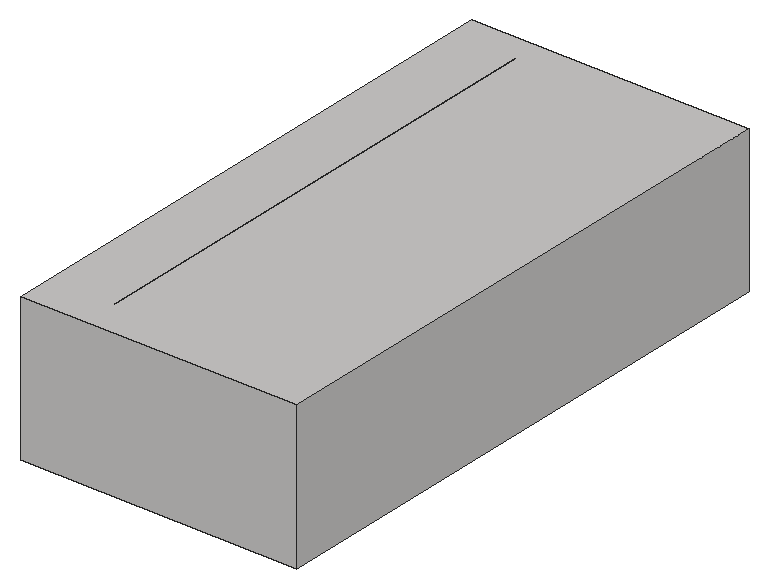
Revit family "Waste_Receptacle-Bobrick-Fino-B-9279", category Specialty Equipment, host Face, Revit 2018
Family settings
  Host = Face
  Round Connector Dimension = Use Diameter
  Part Type = Normal
  OmniClass Number = 23.40.20.21
  OmniClass Title = Toilet and Bath Specialties
  Cut with Voids When Loaded = No
  Shared = Yes
  Room Calculation Point = No
Parameters (values of type "B-9279")
  Width = 5 217/256"
  Waste Container Material = Plastic-Bobrick-Molded
  Waste Container Capacity = "22.6 L (6-gal.)"
  URL = "https://www.bobrick.com/"
  Type Comments = ""
  Receptacle Material = Stainless_Steel-Bobrick-Type_304-Satin_Finish
  Price = "Prices may vary. Please consult Manufacturer Representative for most up-to-date price list."  # constant formula
  Mounting Height Off Floor = 30"
  Model = "B-9279"
  Manufacturer = "Bobrick"
  Length = 11 11/16"
  Installation Type = "Wall Mounted"
  Height = 23 7/8"
  Description = "Fino Collection Surface Mounted Waste Receptacle"
  Default Elevation = 0"
  Creation Date = "05/19/2021"  # constant formula
  Assembly Code = "C1030200"
  ADA Compliant = yes
Reference planes (in)
  plane 1 "Center (Front/Back)": y = 0
  plane 2: z = 0
  plane 3 "Center (Left/Right)": x = 0
  plane 4: z = 6.1875
  plane 5: z = -0.25
  plane 6: x = -5.84375
  plane 7: x = 5.84375
  plane 8: y = 30
  plane 9: y = 6.125
  plane 10: y = 0
  plane 11: x = -4.4375
  plane 12: x = 4.4375
  plane 13: y = 25.78125
  plane 14: y = 10.03125
Forms (in)
  Extrusion 1, solid, material "Stainless_Steel-Bobrick-Type_304-Satin_Finish" <- "Receptacle Material"
    sketch origin (0, 0, 0) x (1, 0, 0) y (0, 1, 0)
      loop
        circle (-4.4375, 10.03125) r 0.1
      loop
        circle (4.4375, 10.03125) r 0.1
      loop
        circle (-4.4375, 25.78125) r 0.1
      loop
        circle (4.4375, 25.78125) r 0.1
    from -0.25 to 0
  Extrusion 2, solid, material "Stainless_Steel-Bobrick-Type_304-Satin_Finish" <- "Receptacle Material"
    sketch origin (23.96867, 25.64042, 0) x (1, 0, 0) y (0, 0, -1)
      loop
        line (-18.12492, -6.1875) -> (-18.12492, 0) -> (-29.81242, 0) -> (-29.81242, -6.1875) -> (-18.12492, -6.1875)
      loop
        line (-18.37492, -5.9375) -> (-18.37492, -0.25) -> (-29.56242, -0.25) -> (-29.56242, -5.9375) -> (-18.37492, -5.9375)
    from -19.51542 to 4.35958
  Extrusion 3, solid, material "Stainless_Steel-Bobrick-Type_304-Satin_Finish" <- "Receptacle Material"
    sketch origin (0, 18.0625, 0) x (1, 0, 0) y (0, 1, 0)
      loop
        line (-5.84375, -11.9375) -> (5.84375, -11.9375) -> (5.84375, -11.6875) -> (-5.84375, -11.6875) -> (-5.84375, -11.9375)
    from 0 to 6.1875
  Extrusion 4, solid, material "Plastic-Bobrick-Molded" <- "Waste Container Material"
    sketch origin (-32.93135, 30, 11.69141) x (0, 0, 1) y (1, 0, 0)
      loop
        line (-10.90952, 38.00485) -> (-10.90952, 37.33666)
        arc (-10.90952, 37.33666) -> (-10.97965, 37.12525) -> (-11.16123, 36.99654) r 0.35586
        arc (-11.16123, 36.99654) -> (-11.32624, 36.85495) -> (-11.38783, 36.64643) r 0.38376
        line (-11.38783, 36.64643) -> (-11.38783, 27.90308)
        arc (-11.38783, 27.90308) -> (-11.22908, 27.51982) -> (-10.84582, 27.36106) r 0.54201
        line (-10.84582, 27.36106) -> (-6.79082, 27.36106)
        arc (-6.79082, 27.36106) -> (-6.47459, 27.49205) -> (-6.34361, 27.80827) r 0.44721
        line (-6.34361, 27.80827) -> (-6.34361, 28.69349)
        arc (-6.34361, 28.69349) -> (-6.29709, 28.80808) -> (-6.19699, 28.88072) r 0.22479
        arc (-6.19699, 28.88072) -> (-5.89639, 29.11138) -> (-5.78245, 29.47274) r 0.63001
        line (-5.78245, 29.47274) -> (-5.78245, 38.00703)
        arc (-5.78245, 38.00703) -> (-5.91128, 38.33314) -> (-6.2282, 38.48316) r 0.47716
        line (-6.2282, 38.48316) -> (-10.43121, 38.48316)
        arc (-10.43121, 38.48316) -> (-10.76943, 38.34307) -> (-10.90952, 38.00485) r 0.47831
      loop
        line (-10.82926, 38.02364) -> (-10.82926, 37.33233)
        arc (-10.82926, 37.33233) -> (-10.91306, 37.07146) -> (-11.13311, 36.9082) r 0.44794
        arc (-11.13311, 36.9082) -> (-11.24997, 36.80236) -> (-11.29328, 36.65076) r 0.28697
        line (-11.29328, 36.65076) -> (-11.29328, 27.88015)
        arc (-11.29328, 27.88015) -> (-11.17099, 27.58492) -> (-10.87576, 27.46263) r 0.41753
        line (-10.87576, 27.46263) -> (-6.79082, 27.46263)
        arc (-6.79082, 27.46263) -> (-6.54641, 27.56386) -> (-6.44517, 27.80827) r 0.34564
        line (-6.44517, 27.80827) -> (-6.44517, 28.69842)
        arc (-6.44517, 28.69842) -> (-6.37887, 28.86835) -> (-6.23172, 28.97616) r 0.32635
        arc (-6.23172, 28.97616) -> (-5.97958, 29.16964) -> (-5.88401, 29.47274) r 0.52845
        line (-5.88401, 29.47274) -> (-5.88401, 38.00703)
        arc (-5.88401, 38.00703) -> (-5.99402, 38.27262) -> (-6.25961, 38.38263) r 0.3756
        line (-6.25961, 38.38263) -> (-10.47027, 38.38263)
        arc (-10.47027, 38.38263) -> (-10.72412, 38.27748) -> (-10.82926, 38.02364) r 0.35899
    from -23.625 to 0
  Extrusion 5, solid, material "Plastic-Bobrick-Molded" <- "Waste Container Material"
    sketch origin (23.96867, 30, 0) x (1, 0, 0) y (0, 0, -1)
      loop
        arc (-18.89299, -5.80739) -> (-18.6274, -5.69738) -> (-18.51739, -5.4318) r 0.3756
        line (-18.51739, -5.4318) -> (-18.51739, -1.22113)
        arc (-18.51739, -1.22113) -> (-18.62254, -0.96729) -> (-18.87639, -0.86214) r 0.35899
        line (-18.87639, -0.86214) -> (-19.56769, -0.86214)
        arc (-19.56769, -0.86214) -> (-19.82856, -0.77834) -> (-19.99183, -0.5583) r 0.44794
        arc (-19.99183, -0.5583) -> (-20.09766, -0.44143) -> (-20.24926, -0.39812) r 0.28697
        line (-20.24926, -0.39812) -> (-29.01987, -0.39812)
        arc (-29.01987, -0.39812) -> (-29.31511, -0.52041) -> (-29.4374, -0.81565) r 0.41753
        line (-29.4374, -0.81565) -> (-29.4374, -4.90059)
        arc (-29.4374, -4.90059) -> (-29.33616, -5.145) -> (-29.09175, -5.24623) r 0.34564
        line (-29.09175, -5.24623) -> (-28.20161, -5.24623)
        arc (-28.20161, -5.24623) -> (-28.03167, -5.31254) -> (-27.92386, -5.45968) r 0.32635
        arc (-27.92386, -5.45968) -> (-27.73039, -5.71182) -> (-27.42728, -5.80739) r 0.52845
        line (-27.42728, -5.80739) -> (-18.89299, -5.80739)
    from -23.625 to -23.36583
Cuts and joins
  joined: Extrusion 2, Extrusion 3
Lines and regions (in)
  Masking region 1
    outline origin (23.96867, 11.9375, 0) x (1, 0, 0) y (0, 0, -1)
      loop
        line (-29.81242, -6.1875) -> (-18.12492, -6.1875) -> (-18.12492, 0) -> (-29.81242, 0) -> (-29.81242, -6.1875)
  symbolic lines, detail levels medium+fine
    curve 1: line (5.59375, 11.9375, 5.9375) -> (-5.59375, 11.9375, 5.9375)
    curve 2: line (-5.59375, 11.9375, 5.9375) -> (-5.59375, 11.9375, 0.25)
    curve 3: line (-5.59375, 11.9375, 0.25) -> (5.59375, 11.9375, 0.25)
    curve 4: line (5.59375, 11.9375, 0.25) -> (5.59375, 11.9375, 5.9375)
  symbolic lines, detail levels fine
    curve 5: arc (5.07571, 11.9375, 5.90897) -> (5.40183, 11.9375, 5.78013) -> (5.55185, 11.9375, 5.4632) r 0.47718
    curve 6: line (5.55185, 11.9375, 5.4632) -> (5.55185, 11.9375, 1.2601)
    curve 7: arc (5.55185, 11.9375, 1.2601) -> (5.41174, 11.9375, 0.92183) -> (5.07346, 11.9375, 0.78171) r 0.4784
    curve 8: line (5.07346, 11.9375, 0.78171) -> (4.40539, 11.9375, 0.78171)
    curve 9: arc (4.40539, 11.9375, 0.78171) -> (4.19384, 11.9375, 0.71204) -> (4.06509, 11.9375, 0.5303) r 0.35601
    curve 10: arc (4.06509, 11.9375, 0.5303) -> (3.92353, 11.9375, 0.36526) -> (3.715, 11.9375, 0.30365) r 0.3837
    curve 11: line (3.715, 11.9375, 0.30365) -> (-5.02829, 11.9375, 0.30365)
    curve 12: arc (-5.02829, 11.9375, 0.30365) -> (-5.41152, 11.9375, 0.46239) -> (-5.57027, 11.9375, 0.84563) r 0.54198
    curve 13: line (-5.57027, 11.9375, 0.84563) -> (-5.57027, 11.9375, 4.9006)
    curve 14: arc (-5.57027, 11.9375, 4.9006) -> (-5.43928, 11.9375, 5.21681) -> (-5.12307, 11.9375, 5.34779) r 0.4472
    curve 15: line (-5.12307, 11.9375, 5.34779) -> (-4.23786, 11.9375, 5.34779)
    curve 16: arc (-4.23786, 11.9375, 5.34779) -> (-4.12327, 11.9375, 5.39432) -> (-4.05063, 11.9375, 5.49442) r 0.22479
    curve 17: arc (-4.05063, 11.9375, 5.49442) -> (-3.81997, 11.9375, 5.79503) -> (-3.4586, 11.9375, 5.90897) r 0.63002
    curve 18: line (-3.4586, 11.9375, 5.90897) -> (5.07571, 11.9375, 5.90897)
    curve 19: line (-3.4586, 11.9375, 5.80739) -> (5.07569, 11.9375, 5.80739)
    curve 20: arc (5.07569, 11.9375, 5.80739) -> (5.34127, 11.9375, 5.69738) -> (5.45128, 11.9375, 5.4318) r 0.3756
    curve 21: line (5.45128, 11.9375, 5.4318) -> (5.45128, 11.9375, 1.22113)
    curve 22: arc (5.45128, 11.9375, 1.22113) -> (5.34614, 11.9375, 0.96729) -> (5.09229, 11.9375, 0.86214) r 0.35899
    curve 23: line (5.09229, 11.9375, 0.86214) -> (4.40098, 11.9375, 0.86214)
    curve 24: arc (4.40098, 11.9375, 0.86214) -> (4.14011, 11.9375, 0.77834) -> (3.97685, 11.9375, 0.5583) r 0.44794
    curve 25: arc (3.97685, 11.9375, 0.5583) -> (3.87101, 11.9375, 0.44143) -> (3.71941, 11.9375, 0.39812) r 0.28697
    curve 26: line (3.71941, 11.9375, 0.39812) -> (-5.0512, 11.9375, 0.39812)
    curve 27: arc (-5.0512, 11.9375, 0.39812) -> (-5.34643, 11.9375, 0.52041) -> (-5.46872, 11.9375, 0.81565) r 0.41753
    curve 28: line (-5.46872, 11.9375, 0.81565) -> (-5.46872, 11.9375, 4.90059)
    curve 29: arc (-5.46872, 11.9375, 4.90059) -> (-5.36749, 11.9375, 5.145) -> (-5.12308, 11.9375, 5.24623) r 0.34564
    curve 30: line (-5.12308, 11.9375, 5.24623) -> (-4.23293, 11.9375, 5.24623)
    curve 31: arc (-4.23293, 11.9375, 5.24623) -> (-4.06299, 11.9375, 5.31254) -> (-3.95519, 11.9375, 5.45968) r 0.32635
    curve 32: arc (-3.95519, 11.9375, 5.45968) -> (-3.76171, 11.9375, 5.71182) -> (-3.4586, 11.9375, 5.80739) r 0.52845
Dimensions and locks (in)
  host face to plane 4 = 6 3/16"
  "Height": plane 8 to plane 9
  "Length": plane 6 to plane 7
  "Mounting Height Off Floor": plane 8 to plane 10
  equal spacing: plane 11, plane 3 "Center (Left/Right)", plane 12
  plane 11 to plane 12 = 8 7/8"
  plane 14 to plane 13 = 15 3/4"
  plane 8 to plane 13 = 4 7/32"
  equal spacing: plane 6, plane 3 "Center (Left/Right)", plane 7
  aligned and locked: plane 2 to host face
  aligned and locked: level to host face
  aligned and locked: Extrusion 1 to plane 5
  aligned and locked: level to Extrusion 1
  aligned and locked: Extrusion 2 sketch curve to plane 7
  aligned and locked: plane 6 to Extrusion 2 sketch curve
  aligned and locked: Extrusion 2 to plane 9
  aligned and locked: plane 8 to Extrusion 2
  aligned and locked: Extrusion 5 sketch curve to Extrusion 4  (x9)
  aligned and locked: plane 8 to Extrusion 4
  aligned and locked: plane 14 to Extrusion 1 sketch curve  (x2)
  aligned and locked: plane 11 to Extrusion 1 sketch curve  (x2)
  aligned and locked: plane 12 to Extrusion 1 sketch curve  (x2)
  aligned and locked: plane 13 to Extrusion 1 sketch curve  (x2)
  aligned and locked: curve 1 to cut or joined group of Extrusion 2, Extrusion 3
  aligned and locked: curve 2 to cut or joined group of Extrusion 2, Extrusion 3
  aligned and locked: curve 3 to cut or joined group of Extrusion 2, Extrusion 3
  aligned and locked: curve 4 to cut or joined group of Extrusion 2, Extrusion 3
  aligned and locked: curve 19 to Extrusion 5
  aligned and locked: curve 21 to Extrusion 5
  aligned and locked: curve 26 to Extrusion 5
  aligned and locked: curve 28 to Extrusion 5
Automatic sketch dimensions
  host sketch curve to host sketch curve = 96"  (x2)
  Masking region 1 sketch curve to plane 4 = 0"
  Masking region 1 sketch curve to plane 6 = 0"
  Masking region 1 sketch curve to level = 0"
  Masking region 1 sketch curve to plane 7 = 0"
  Extrusion 2 sketch curve to plane 4 = 0"
  Extrusion 2 sketch curve to level = 0"
  plane 6 to Extrusion 2 sketch curve = 1/4"
  Extrusion 2 sketch curve to plane 7 = 1/4"
  Extrusion 2 sketch curve to plane 4 = 1/4"
  level to Extrusion 2 sketch curve = 1/4"
  Extrusion 3 sketch curve to plane 6 = 0"
  Extrusion 3 sketch curve to plane 7 = 0"
  Extrusion 3 sketch curve to plane 9 = 0"
  plane 9 to Extrusion 3 sketch curve = 1/4"
  Extrusion 4 sketch curve to Extrusion 4 sketch curve = 0"  (x9)
  level to Extrusion 4 sketch curve = 0.30357"
  Extrusion 4 sketch curve to Extrusion 4 sketch curve = 0.09455"
  Extrusion 4 sketch curve to plane 12 = 0.03652"
  level to Extrusion 4 sketch curve = 0.4142"
  Extrusion 4 sketch curve to Extrusion 4 sketch curve = 0.01131"
  Extrusion 4 sketch curve to Extrusion 4 sketch curve = 0.28697"
  Extrusion 4 sketch curve to Extrusion 4 sketch curve = 0.00225"
  Extrusion 4 sketch curve to Extrusion 4 sketch curve = 0.35638"
  Extrusion 4 sketch curve to Extrusion 4 sketch curve = 0.41753"
  Extrusion 4 sketch curve to Extrusion 4 sketch curve = 0.02994"
  Extrusion 4 sketch curve to Extrusion 4 sketch curve = 0.08026"
  Extrusion 4 sketch curve to Extrusion 4 sketch curve = 0.35899"
  Extrusion 4 sketch curve to Extrusion 4 sketch curve = 5/128"
  Extrusion 4 sketch curve to plane 11 = 0.68558"
  Extrusion 4 sketch curve to plane 4 = 1.28691"
  Extrusion 4 sketch curve to Extrusion 4 sketch curve = 0.34564"
  Extrusion 4 sketch curve to Extrusion 4 sketch curve = 0.03271"
  Extrusion 4 sketch curve to Extrusion 4 sketch curve = 13/128"  (x2)
  Extrusion 4 sketch curve to plane 4 = 0.7557"
  Extrusion 4 sketch curve to Extrusion 4 sketch curve = 0.03141"
  Extrusion 4 sketch curve to Extrusion 4 sketch curve = 0.22351"
  Extrusion 4 sketch curve to Extrusion 4 sketch curve = 0.3756"
  plane 11 to Extrusion 4 sketch curve = 0.17564"
  plane 11 to Extrusion 4 sketch curve = 0.19964"
  Extrusion 4 sketch curve to Extrusion 4 sketch curve = 0.00493"
  Extrusion 4 sketch curve to Extrusion 4 sketch curve = 0.80325"
  Extrusion 4 sketch curve to Extrusion 4 sketch curve = 0.6859"
  Extrusion 4 sketch curve to Extrusion 4 sketch curve = 0.00433"  (x2)
  plane 12 to Extrusion 4 sketch curve = 0.636"
  Extrusion 4 sketch curve to Extrusion 4 sketch curve = 0.02812"
  Extrusion 2 to Extrusion 5 sketch curve = 0.54255"
  Extrusion 2 to Extrusion 5 sketch curve = 0.51806"
  Extrusion 2 to Extrusion 5 sketch curve = 0.50146"
  curve 13 to curve 15 = 0.4472"
  curve 2 to curve 11 = 0.56546"
  plane 11 to curve 16 = 0.17564"
  plane 11 to curve 15 = 0.19964"
  curve 16 to curve 18 = 0.80326"
  curve 11 to plane 12 = 0.7225"
  curve 8 to plane 12 = 0.03211"
  plane 12 to curve 8 = 0.63596"
  plane 12 to curve 5 = 0.63821"
  curve 16 to plane 4 = 0.6162"
  curve 1 to curve 6 = 0.4743"
  curve 1 to curve 15 = 0.58971"
  curve 17 to curve 17 = 0.63002"
  curve 7 to curve 3 = 1.0101"
  curve 10 to curve 10 = 0.3837"
  curve 9 to curve 9 = 0.35601"
  curve 12 to curve 28 = 13/128"
  curve 30 to curve 14 = 0"
  curve 27 to curve 12 = 0.02291"
  curve 16 to curve 31 = 0"
  curve 15 to curve 30 = 0.00493"
  curve 32 to curve 17 = 0"
  curve 10 to curve 26 = 0.00441"
  curve 23 to plane 12 = 0.03652"
  curve 19 to curve 5 = 0.00002"
  curve 7 to curve 22 = 0.01883"
  curve 21 to curve 6 = 0.10057"
  curve 17 to curve 19 = 13/128"
  curve 31 to curve 16 = 0"
  curve 17 to curve 32 = 0"
  curve 14 to curve 30 = 13/128"
  curve 7 to curve 22 = 0.03897"
  curve 12 to curve 28 = 0.02998"
  curve 10 to curve 25 = 0.00226"
  curve 9 to curve 24 = 0.0115"
  radius of Extrusion 1 sketch curve = 0.1"  (x4)
